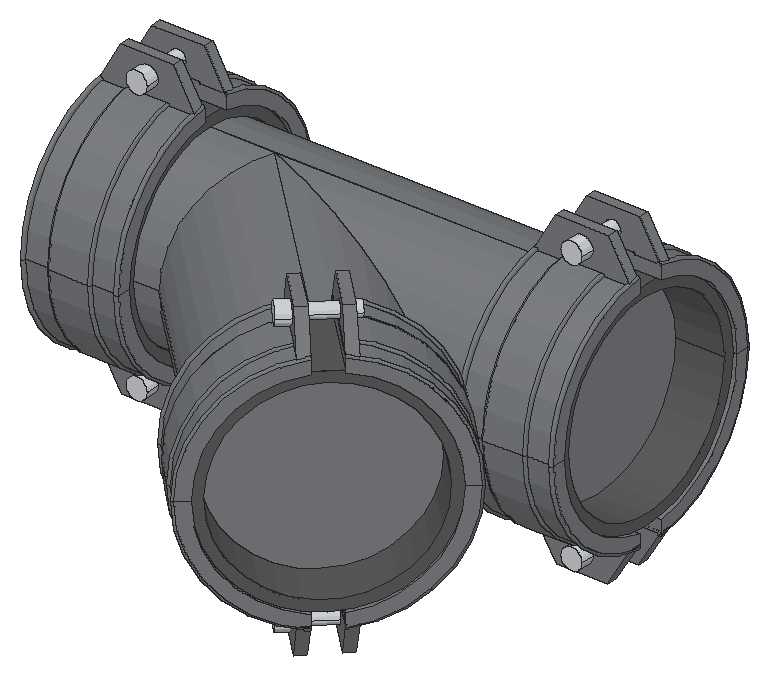
Revit family "PBUK_ED_Single Branch_ED006_DI", category Pipe Fittings, Revit 2024
Family settings
  Round Connector Dimension = Use Diameter
  Part Type = Tee
  OmniClass Number = 23.60.30.11.14
  OmniClass Title = Pipework Fittings
  Work Plane-Based = No
  Always vertical = Yes
  Cut with Voids When Loaded = No
  Shared = No
Parameters (values of type "Standard")
  h [instance] = size_lookup(Lookup Table Name, "h", 0 mm, Nominal Diameter, Branch Nominal Diameter, Angle)  # 185 mm
  Weight [instance] = size_lookup(Lookup Table Name, "Poids", 0.00 kg, Nominal Diameter, Branch Nominal Diameter, Angle)  # 3.757 kg
  WarrantyStartDate [instance] = "Please Record On Commissioning"
  WarrantyGuarantorParts = "technical.uk@pambuilding.com"
  WarrantyGuarantorLabour = "N/A"
  WarrantyDurationUnit = "Years"
  WarrantyDurationParts = "0"
  WarrantyDurationLabour = "0"
  WarrantyDescription = "N/A"
  URL = "www.pambuilding.co.uk"
  Type IFC Predefined Type = "JUNCTION"
  TagNumber [instance] = "Please Record On Commissioning"
  System Fire Rating = "A2-s1, d0"  # constant formula
  Symbol Length [instance] = Nominal Diameter * 0.6  # 60 mm
  Standard = "EN 877"  # constant formula
  Show Coupling 3 [instance] = yes
  Show Coupling 2 [instance] = yes
  Show Coupling 1 [instance] = yes
  SerialNumber [instance] = "Please Record On Commissioning"
  Quality Marks [instance] = "Kitemark KM 51733"  # constant formula
  Product URL = "https://source.thenbs.com/en/product/ensign-drain-below-ground-drainage-system/2q1gEaFhwdmYRUm3yQ7ADk/7WPnyJ2vXj1EjKFYZwQSwU"
  Product Code [instance] = size_lookup(Lookup Table Name, "REF-STD", 0, Nominal Diameter, Branch Nominal Diameter, Angle)  # 191782
  NominalWidth [instance] = Dext principale  # 110 mm
  NominalLength [instance] = H  # 245 mm
  NominalHeight [instance] = h * sin(Angle b) + Dext principale / 2  # 185.815 mm
  Nominal Diameter [instance] = 100 mm
  ModelNumber [instance] = size_lookup(Lookup Table Name, "", "", Nominal Diameter, Branch Nominal Diameter, Angle)  # "ED006"
  Material Fire Rating = "A2-s1, d0"  # constant formula
  Material = "Cast Iron"  # constant formula
  Manufacturer Product Range = "Ensign Drain"  # constant formula
  Lookup Table Name = "ED006_Single Branch - DI"
  Model = ""
  Keynote = "Single Branch"  # constant formula
  built-in parameter 1114238 [instance] = (empty or 0)
  InstallationDate [instance] = "Please Record On Commissioning"
  H [instance] = size_lookup(Lookup Table Name, "H", 0 mm, Nominal Diameter, Branch Nominal Diameter, Angle)  # 245 mm
  L [instance] = if(Angle b < 91.00°, size_lookup(Lookup Table Name, "L", 0 mm, Nominal Diameter, Branch Nominal Diameter, Angle), H - size_lookup(Lookup Table Name, "L", 0 mm, Nominal Diameter, Branch Nominal Diameter, Angle))  # 185 mm
  Manufacturer = "Pam Building UK"  # constant formula
  Export Type to IFC As = "IfcPipeFittingType"
  DurationUnit = "Years"
  Dext principale [instance] = size_lookup(Lookup Table Name, "Dext principale", 0 mm, Nominal Diameter, Branch Nominal Diameter, Angle)  # 110 mm
  Dext antenne [instance] = size_lookup(Lookup Table Name, "Dext antenne", 0 mm, Nominal Diameter, Branch Nominal Diameter, Angle)  # 110 mm
  Description = "Single Branch"  # constant formula
  Default Elevation = 0 mm
  CreatedOn = "2019-12-15T10:00:00"
  CreatedBy = "technical.uk@pambuilding.com"
  Coupling Rotation 3 [instance] = 0.00°
  Coupling Rotation 2 [instance] = 0.00°
  Coupling Rotation 1 [instance] = 0.00°
  Connection Gap 3 [instance] = if(Show Coupling 3, size_lookup(Lookup Table Name, "dnConnectionGap", 0 mm, Nominal Diameter, Branch Nominal Diameter, Angle), 0 mm)  # 4 mm
  Connection Gap 2 [instance] = if(Show Coupling 2, size_lookup(Lookup Table Name, "DNConnectionGap", 0 mm, Nominal Diameter, Branch Nominal Diameter, Angle), 0 mm)  # 4 mm
  Connection Gap 1 [instance] = if(Show Coupling 1, size_lookup(Lookup Table Name, "DNConnectionGap", 0 mm, Nominal Diameter, Branch Nominal Diameter, Angle), 0 mm)  # 4 mm
  ClassificationValue = "Pr_65_52_07_34"
  ClassificationName = "Uniclass2015"
  Branch Nominal Diameter [instance] = 100 mm
  BarCode [instance] = "Please Record On Commissioning"
  AssetType = "Fixed"
  AssetIdentifier [instance] = "Please Record On Commissioning"
  Angle b [instance] = 45.00°
  Angle 2 [instance] = 180.00° - Angle b  # 135.00°
  Angle [instance] = if(Angle b > 90.00°, if(and(Angle 2 > 85.50°, Angle 2 < 90.50°), 88.00°, if(and(Angle 2 > 66.50°, Angle 2 < 71.50°), 69.00°, if(and(Angle 2 > 42.50°, Angle 2 < 47.50°), 45.00°, if(and(Angle 2 > 19.50°, Angle 2 < 24.50°), 22.00°, 0.00°)))), if(and(Angle b > 85.53°, Angle b < 90.50°), 88.00°, if(and(Angle b > 66.50°, Angle b < 71.50°), 69.00°, if(and(Angle b > 42.50°, Angle b < 47.50°), 45.00°, if(and(Angle b > 19.50°, Angle b < 24.50°), 22.00°, 0.00°)))))  # 45.00°
Reference planes
  plane 1 "Centre (avant/arrière)": y = 0
  plane 2: z = 0
  plane 3 "Centre (gauche/droite)": x = 0
  plane 4: x = -60
  plane 5: x = 185
  plane 6: y = 55
  plane 7: y = -55
  plane 8: x = -64
  plane 9: x = 189
Forms (mm)
  Sweep 1, solid, material "PAM Cast iron - Ensign Drain", detail levels fine
    path origin (0, 0, 0) x (1, 0, 0) y (0, 1, 0)
      loop
        line (-60, 0) -> (185, 0)
    profile "Pipeline - Round : Pipeline - Main Part" origin (62.5, 0, 0) x (0, 1, 0) y (0, 0, 1)
      loop
        arc (-55, 0) -> (-38.891, -38.891) -> (0, -55) r 55
        arc (0, -55) -> (38.891, -38.891) -> (55, 0) r 55
        arc (55, 0) -> (38.891, 38.891) -> (0, 55) r 55
        arc (0, 55) -> (-38.891, 38.891) -> (-55, 0) r 55
  Sweep 2, solid, material "PAM Cast iron - Ensign Drain", detail levels fine
    path in 3D
      loop
        line (0, 0, 0) -> (130.815, -130.815, 0)
    profile "Pipeline - Round : Pipeline - Antenna Part" origin (65.407, -65.407, 0) x (0.707107, 0.707107, 0) y (0, 0, 1)
      loop
        arc (-55, 0) -> (-38.891, -38.891) -> (0, -55) r 55
        arc (0, -55) -> (38.891, -38.891) -> (55, 0) r 55
        arc (55, 0) -> (38.891, 38.891) -> (0, 55) r 55
        arc (0, 55) -> (-38.891, 38.891) -> (-55, 0) r 55
  Revolve 3, void
    sketch origin (0, 0, 0) x (1, 0, 0) y (0, 1, 0)
      loop
        line (-60, 0) -> (-60, 55) -> (-545.912, 55) -> (-545.912, 0) -> (-60, 0)
      axis (-60, 0) -> (-545.912, 0)
    angle from 0 to 360
  Extrusion 4, solid, not visible
    sketch origin (130.815, -130.815, 0) x (0, 0, 1) y (-0.707107, -0.707107, 0)
      loop
        line (2, 5) -> (0, 5) -> (0, -5) -> (2, -5) -> (2, 5)
    from -15.67 to 0
  Sweep 5, solid, not visible
    path origin (0, 0, 0) x (1, 0, 0) y (0, 1, 0)
      loop
        line (-64, 0) -> (-68.018, 0)
    profile origin (-66.009, 0, 0) x (0, -1, 0) y (0, 0, 1)
      loop
        circle (0, 0) r 55
  Sweep 6, solid, not visible
    path origin (0, 0, 0) x (1, 0, 0) y (0, 1, 0)
      loop
        line (193.038, 0) -> (189, 0)
    profile origin (191.019, 0, 0) x (0, -1, 0) y (0, 0, 1)
      loop
        circle (0, 0) r 55
  Sweep 7, solid, not visible
    path origin (0, 0, 0) x (1, 0, 0) y (0, 1, 0)
      loop
        line (133.643, -133.643) -> (136.442, -136.442)
    profile origin (135.043, -135.043, 0) x (0.707107, 0.707107, 0) y (0, 0, 1)
      loop
        circle (0, 0) r 55
Cuts and joins
  Revolve 3 cuts Sweep 1
  Revolve 3 cuts Sweep 2
  joined: Sweep 1, Sweep 2
Lines and regions (mm)
  reference lines
    curve 1: line (0, 0, 0) -> (130.815, -130.815, 0)
  sketch lines
    curve 2: line (0, 0, 0) -> (130.815, -130.815, 0)
  model lines, detail levels coarse+medium
    curve 3: line (-64, 0, 0) -> (189, 0, 0)
    curve 4: line (-64, 30, 0) -> (-64, 0, 0)
    curve 5: line (-64, 0, 0) -> (-64, -30, 0)
    curve 6: line (189, 30, 0) -> (189, 0, 0)
    curve 7: line (189, 0, 0) -> (189, -30, 0)
    curve 8: line (0, 0, 0) -> (133.643, -133.643, 0)
    curve 9: line (133.643, -133.643, 0) -> (154.856, -112.43, 0)
    curve 10: line (133.643, -133.643, 0) -> (112.43, -154.856, 0)
Dimensions and locks
  "L": plane 3 "Centre (gauche/droite)" to plane 5
  equal spacing: plane 6, plane 1 "Centre (avant/arrière)", plane 7
  "Dext principale": plane 6 to plane 7
  "H": plane 4 to plane 5
  "h": curve 1 to curve 1
  equal spacing: curve 5, plane 1 "Centre (avant/arrière)", curve 4
  "Symbol Length": curve 4 to curve 5
  equal spacing: curve 7, plane 1 "Centre (avant/arrière)", curve 6
  "Symbol Length": curve 6 to curve 7
  equal spacing: curve 10, curve 8, curve 9
  "Symbol Length": curve 10 to curve 9
  "Connection Gap 1": plane 8 to plane 4
  "Connection Gap 2": plane 5 to plane 9
  locked: Sweep 5 sketch curve to Sweep 5 sketch curve at 4.018
  locked: Sweep 6 sketch curve to Sweep 6 sketch curve at 4.038
  locked: Sweep 7 sketch curve to Sweep 7 sketch curve at 3.959
  "Connection Gap 3": curve 10 to cut or joined group of Sweep 1, Sweep 2, Revolve 3
  "Dext principale": diameter of Sweep 5 sketch curve
  "Dext principale": diameter of Sweep 6 sketch curve
  "Dext antenne": diameter of Sweep 7 sketch curve
  "Angle b": angle curve 1 to plane 1 "Centre (avant/arrière)"
  "Angle b": angle curve 8 to plane 1 "Centre (avant/arrière)"
  locked: curve 8 to curve 10 (angle 90.00°)
  locked: curve 8 to curve 9 (angle 90.00°)
  "Angle b": angle Sweep 7 sketch curve to plane 1 "Centre (avant/arrière)"
  "Angle b": angle nested 5 to plane 1 "Centre (avant/arrière)"
  aligned and locked: level to plane 2
  aligned and locked: plane 4 to Sweep 1 sketch curve
  aligned and locked: plane 1 "Centre (avant/arrière)" to Sweep 1 sketch curve
  aligned and locked: Revolve 3 sketch curve to plane 1 "Centre (avant/arrière)"  (x2)
  aligned and locked: Revolve 3 sketch curve to plane 6
  aligned and locked: Revolve 3 sketch curve to plane 4
  aligned and locked: plane 2 to Extrusion 4 sketch curve
  aligned and locked: Extrusion 4 to curve 1
  aligned and locked: plane 1 "Centre (avant/arrière)" to curve 3
  aligned and locked: plane 3 "Centre (gauche/droite)" to curve 8
  aligned and locked: plane 1 "Centre (avant/arrière)" to curve 8
  aligned and locked: plane 8 to Sweep 5 sketch curve
  aligned and locked: plane 1 "Centre (avant/arrière)" to Sweep 5 sketch curve
  aligned and locked: plane 9 to Sweep 6 sketch curve
  aligned and locked: plane 1 "Centre (avant/arrière)" to Sweep 6 sketch curve
  aligned and locked: curve 4 to plane 8
  aligned and locked: curve 6 to plane 9
  aligned and locked: plane 1 "Centre (avant/arrière)" to nested 1
  aligned and locked: nested 2 to plane 1 "Centre (avant/arrière)"
  aligned and locked: plane 5 to nested 2
  aligned and locked: plane 4 to nested 1
  aligned and locked: curve 9 to Sweep 7 sketch curve
  aligned and locked: curve 1 to Sweep 7 sketch curve
  aligned and locked: curve 1 to nested 5
  aligned and locked: nested 5 to Sweep 7
Automatic sketch dimensions
  Sweep 1 sketch curve to plane 5 = 0 mm
  Revolve 3 sketch curve to plane 4 = 485.912 mm
  Revolve 3 sketch curve to Revolve 3 sketch curve = 1479.088 mm
  plane 5 to Revolve 3 sketch curve = 1310 mm
  Extrusion 4 sketch curve to Extrusion 4 sketch curve = 2 mm
  Extrusion 4 sketch curve to Extrusion 4 sketch curve = 10 mm
  plane 1 "Centre (avant/arrière)" to curve 1 = 0 mm
  curve 1 to plane 3 "Centre (gauche/droite)" = 0 mm
  Sweep 5 sketch curve to level = 0 mm
  Sweep 5 sketch curve to profile plane = 0 mm
  Sweep 6 sketch curve to level = 0 mm
  Sweep 6 sketch curve to profile plane = 0 mm
  Sweep 7 sketch curve to level = 0 mm
  Sweep 7 sketch curve to profile plane = 0 mm
Nested families
  nested 1: "PBUK_Two-Piece Ductile Iron Coupling-Rotated Assembly" at (-60, 0, 0), Visibility <- "Show Coupling 1", visible <- "Show Coupling 1", Nominal Diameter <- "Nominal Diameter", Rotation <- "Coupling Rotation 1", type "Standard"
    with Visibility yes, Rotation 0.00°, Nominal Diameter 100 mm
  nested 2: "PBUK_Two-Piece Ductile Iron Coupling-Rotated Assembly" at (185, 0, 0) x (-1, 0, 0) z (0, 0, 1), Visibility <- "Show Coupling 2", visible <- "Show Coupling 2", Nominal Diameter <- "Nominal Diameter", Rotation <- "Coupling Rotation 2", type "Standard"
    with Visibility yes, Rotation 0.00°, Nominal Diameter 100 mm
  nested 3: "PBUK_ED_Two-Piece Ductile Iron Coupling_ED001" at (-62, 0, 0) x (1, 0, 0) z (0, -1, 0), type "Standard"
    with Width 56 mm, Weight 1.122 kg, WarrantyStartDate "", VisFDoubleBolt 0 mm, VisDoubleBolt 0 mm, VisCSingleBolt 1 mm, VisCDoubleBolt 0 mm, V 16 mm, TagNumber "", SerialNumber "", Product Code 155369, NominalWidth 56 mm, NominalLength 179 mm, NominalHeight 141.5 mm, Nominal Radius 50 mm, Nominal Diameter 100 mm, ModelNumber "ED001", InternalRadius 62 mm, InternalGasketRadius 56 mm, InstallationDate "", I 6 mm, H 22 mm, G 10 mm, F-DoubleBolt no, F 25 mm, ExternalGasketRadius 62 mm, EarRadius 16 mm, DoubleBolt no, ConnectionGap 4 mm, ChamferEdge 67.5 mm, C-SingleBolt yes, C-DoubleBolt no, C 8.75 mm, BoltLength 40 mm, BarCode "", B 2.5 mm, AssetIdentifier "", A 7.5 mm, 2BoltLocation 10 mm
  nested 4: "PBUK_ED_Two-Piece Ductile Iron Coupling_ED001" at (187, 0, 0) x (-1, 0, 0) z (0, -1, 0), type "Standard"
    with Width 56 mm, Weight 1.122 kg, WarrantyStartDate "", VisFDoubleBolt 0 mm, VisDoubleBolt 0 mm, VisCSingleBolt 1 mm, VisCDoubleBolt 0 mm, V 16 mm, TagNumber "", SerialNumber "", Product Code 155369, NominalWidth 56 mm, NominalLength 179 mm, NominalHeight 141.5 mm, Nominal Radius 50 mm, Nominal Diameter 100 mm, ModelNumber "ED001", InternalRadius 62 mm, InternalGasketRadius 56 mm, InstallationDate "", I 6 mm, H 22 mm, G 10 mm, F-DoubleBolt no, F 25 mm, ExternalGasketRadius 62 mm, EarRadius 16 mm, DoubleBolt no, ConnectionGap 4 mm, ChamferEdge 67.5 mm, C-SingleBolt yes, C-DoubleBolt no, C 8.75 mm, BoltLength 40 mm, BarCode "", B 2.5 mm, AssetIdentifier "", A 7.5 mm, 2BoltLocation 10 mm
  nested 5: "PBUK_Two-Piece Ductile Iron Coupling-Rotated Assembly" at (133.643, -133.643, 0) x (0.7071, -0.7071, 0) z (0, 0, 1), Visibility <- "Show Coupling 3", visible <- "Show Coupling 3", Nominal Diameter <- "Branch Nominal Diameter", Rotation <- "Coupling Rotation 3", type "Standard"
    with Visibility yes, Rotation 0.00°, Nominal Diameter 100 mm
  nested 6: "PBUK_ED_Two-Piece Ductile Iron Coupling_ED001" at (132.229, -132.229, 0) x (0.7071, -0.7071, 0) z (-0.7071, -0.7071, 0), type "Standard"
    with Width 56 mm, Weight 1.122 kg, WarrantyStartDate "", VisFDoubleBolt 0 mm, VisDoubleBolt 0 mm, VisCSingleBolt 1 mm, VisCDoubleBolt 0 mm, V 16 mm, TagNumber "", SerialNumber "", Product Code 155369, NominalWidth 56 mm, NominalLength 179 mm, NominalHeight 141.5 mm, Nominal Radius 50 mm, Nominal Diameter 100 mm, ModelNumber "ED001", InternalRadius 62 mm, InternalGasketRadius 56 mm, InstallationDate "", I 6 mm, H 22 mm, G 10 mm, F-DoubleBolt no, F 25 mm, ExternalGasketRadius 62 mm, EarRadius 16 mm, DoubleBolt no, ConnectionGap 4 mm, ChamferEdge 67.5 mm, C-SingleBolt yes, C-DoubleBolt no, C 8.75 mm, BoltLength 40 mm, BarCode "", B 2.5 mm, AssetIdentifier "", A 7.5 mm, 2BoltLocation 10 mm
Connectors
  piping at (189, 0, 0), diameter 100, driven by "Nominal Diameter"
    settings: on Sweep 6, index 5, connector inside diameter 609.6 mm, connector length 0 mm, flow factor 0, pipe flow 0.0 L/s, pressure drop 0.0 Pa, fitting loss kfactor 0, connector angle 0.00°, fixture units 0, engagement length 0 mm, angle of deflection 0.00°, flow configuration 0, flow direction 0, fitting loss method 0, system type 28, joint type 0, gender type 0, connector reference index 6, connector utility 0, adjustable connector no, is connector primary no, connector description ""
  piping at (-64, 0, 0), diameter 100, driven by "Nominal Diameter"
    settings: on Sweep 5, index 6, connector inside diameter 609.6 mm, connector length 0 mm, flow factor 0, pipe flow 0.0 L/s, pressure drop 0.0 Pa, fitting loss kfactor 0, connector angle 0.00°, fixture units 0, engagement length 0 mm, angle of deflection 0.00°, flow configuration 0, flow direction 0, fitting loss method 0, system type 28, joint type 0, gender type 0, connector reference index 5, connector utility 0, adjustable connector no, is connector primary yes, connector description ""
  piping at (133.643, -133.643, 0), diameter 100, driven by "Angle b", driven by "Branch Nominal Diameter"
    settings: on Sweep 7, index 7, connector inside diameter 609.6 mm, connector length 0 mm, flow factor 0, pipe flow 0.0 L/s, pressure drop 0.0 Pa, fitting loss kfactor 0, connector angle 45.00°, fixture units 0, engagement length 0 mm, angle of deflection 0.00°, flow configuration 0, flow direction 0, fitting loss method 0, system type 28, joint type 0, gender type 0, connector reference index -1, connector utility 0, adjustable connector no, is connector primary no, connector description ""
Definition of nested family "PBUK_ED_Two-Piece Ductile Iron Coupling_ED001"
  Parameters (values of type "Standard")
    Width [instance] = size_lookup(Lookup Table Name, "Width", 0 mm, Nominal Diameter)  # 75 mm
    Weight [instance] = size_lookup(Lookup Table Name, "Weight", 0.00 kg, Nominal Diameter)  # 1.778 kg
    WarrantyStartDate [instance] = "Please Record On Commissioning"
    WarrantyGuarantorParts = "technical.uk@pambuilding.com"
    WarrantyGuarantorLabour = "N/A"
    WarrantyDurationUnit = "Years"
    WarrantyDurationParts = "0"
    WarrantyDurationLabour = "0"
    WarrantyDescription = "N/A"
    VisFDoubleBolt [instance] = if(Nominal Diameter > 151 mm, 1 mm, 0 mm)  # 0 mm
    VisDoubleBolt [instance] = if(Nominal Diameter > 149 mm, 1 mm, 0 mm)  # 1 mm
    VisCSingleBolt [instance] = if(Nominal Diameter < 149 mm, 1 mm, 0 mm)  # 0 mm
    VisCDoubleBolt [instance] = if(Nominal Diameter = 150 mm, 1 mm, 0 mm)  # 1 mm
    V [instance] = size_lookup(Lookup Table Name, "V", 0 mm, Nominal Diameter)  # 8 mm
    URL = "www.pambuilding.co.uk"
    Type IFC Predefined Type = "TRANSITION"
    TagNumber [instance] = "Please Record On Commissioning"
    System Fire Rating = "A2-s1, d0"  # constant formula
    Standard = "EN 877"  # constant formula
    SerialNumber [instance] = "Please Record On Commissioning"
    Quality Marks = "Kitemark KM 51733"  # constant formula
    Product URL = "https://source.thenbs.com/en/product/ensign-drain-below-ground-drainage-system/2q1gEaFhwdmYRUm3yQ7ADk/7WPnyJ2vXj1EjKFYZwQSwU"
    Product Code [instance] = size_lookup(Lookup Table Name, "REF-STD", 0, Nominal Diameter)  # 155433
    Pressure Rating = "1 bar (Unrestrained) 5 bar (Restrained) "  # constant formula
    NominalWidth [instance] = Width  # 75 mm
    NominalLength [instance] = (ChamferEdge + H) * 2  # 221 mm
    NominalHeight [instance] = ((ExternalGasketRadius + C) * 2)  # 184 mm
    Nominal Radius [instance] = Nominal Diameter / 2  # 75 mm
    Nominal Diameter [instance] = 150 mm
    ModelNumber [instance] = size_lookup(Lookup Table Name, "", "N/A", Nominal Diameter)  # "ED001"
    Model = "ED001"  # constant formula
    Material Fire Rating = "A2-s1, d0"  # constant formula
    Material = "Ductile Iron"  # constant formula
    Manufacturer Product Range = "Ensign Drain"  # constant formula
    Manufacturer = "Pam Building UK"  # constant formula
    Lookup Table Name = "ED001_Two Piece Iron Coupling Union"
    Keynote = "Coupling"  # constant formula
    InternalRadius [instance] = size_lookup(Lookup Table Name, "InternalRadius", 0 mm, Nominal Diameter)  # 85.5 mm
    InternalGasketRadius [instance] = size_lookup(Lookup Table Name, "InternalGasketRadius", 0 mm, Nominal Diameter)  # 81 mm
    InstallationDate [instance] = "Please Record On Commissioning"
    I [instance] = size_lookup(Lookup Table Name, "I", 0 mm, Nominal Diameter)  # 8 mm
    H [instance] = size_lookup(Lookup Table Name, "H", 0 mm, Nominal Diameter)  # 22 mm
    Gasket Material = "EPDM Rubber EN 681"  # constant formula
    G [instance] = size_lookup(Lookup Table Name, "G", 0 mm, Nominal Diameter)  # 48.4 mm
    F-DoubleBolt [instance] = VisFDoubleBolt = 1 mm  # no
    F [instance] = size_lookup(Lookup Table Name, "F", 0 mm, Nominal Diameter)  # 48.4 mm
    ExternalGasketRadius [instance] = InternalRadius  # 85.5 mm
    Export Type to IFC As = "IfcPipeFittingType"
    EarRadius [instance] = 16 mm  # constant formula
    DurationUnit = "Years"
    DoubleBolt [instance] = VisDoubleBolt = 1 mm  # yes
    Description = "Two Piece Ductile Iron Coupling"  # constant formula
    Default Elevation = 0 mm
    CreatedOn = "2019-12-15T10:00:00"
    CreatedBy = "technical.uk@pambuilding.com"
    ConnectionGap [instance] = size_lookup(Lookup Table Name, "ConnectionGap", 0 mm, Nominal Diameter)  # 4 mm
    Colour = "Ensign Grey"  # constant formula
    ClassificationValue = "Pr_65_52_07_34"
    ClassificationName = "Uniclass2015"
    ChamferEdge [instance] = InternalRadius + A - 2 mm  # 88.5 mm
    C-SingleBolt [instance] = VisCSingleBolt = 1 mm  # no
    C-DoubleBolt [instance] = VisCDoubleBolt = 1 mm  # yes
    C [instance] = A + (B / 2)  # 6.5 mm
    BoltLength [instance] = size_lookup(Lookup Table Name, "BoltLength", 0 mm, Nominal Diameter)  # 40 mm
    BarCode [instance] = "Please Record On Commissioning"
    B [instance] = size_lookup(Lookup Table Name, "B", 0 mm, Nominal Diameter)  # 3 mm
    AssetType = "Fixed"
    AssetIdentifier [instance] = "Please Record On Commissioning"
    A [instance] = size_lookup(Lookup Table Name, "A", 0 mm, Nominal Diameter)  # 5 mm
    2BoltLocation [instance] = size_lookup(Lookup Table Name, "2BoltLocation", 0 mm, Nominal Diameter)  # 48.4 mm
  Reference planes
    plane 1 "Center (Front/Back)": y = 0
    plane 2: z = 0
    plane 3 "Center (Left/Right)": x = 0
    plane 4: z = 85.5
    plane 5: x = -37.5
    plane 6: x = 37.5
    plane 7: z = 90.5
    plane 8: x = -34.5
    plane 9: x = 34.5
    plane 10 "External ML1": x = -12.5
    plane 11 "External ML2": x = 12.5
    plane 12: z = 92
    plane 13: z = 4
    plane 14: z = -4
    plane 15: y = 110.5
    plane 16: z = 12
    plane 17: z = -12
    plane 18: x = -24.2
    plane 19: x = 24.2
    plane 20: y = 88.5
    plane 21: y = -88.5
    plane 22: y = -110.5
    plane 23: y = 99.5
    plane 24: y = -99.5
    plane 25 "External ML4": x = 29.5
    plane 26 "External ML3": x = -29.5
    plane 27: x = -24.2
    plane 28: x = 24.2
    plane 29: y = 97.675
    plane 30: y = -97.675
    plane 31: y = 97.7
    plane 32: y = -97.7
    plane 33 "Connection 1": x = 2
    plane 34 "Connection 2": x = -2
    plane 35: z = -20.5
    plane 36: z = 19.5
  Forms (mm)
    Revolve 1, solid, detail levels fine
      sketch origin (0, 0, 0) x (1, 0, 0) y (0, 0, 1)
        loop
          line (-37.5, 85.5) -> (37.5, 85.5) -> (37.5, 90.5)
          arc (37.5, 90.5) -> (36, 92) -> (34.5, 90.5) r 1.5
          line (34.5, 90.5) -> (12.5, 90.5)
          arc (12.5, 90.5) -> (12.061, 91.561) -> (11, 92) r 1.5
          line (11, 92) -> (-11, 92)
          arc (-11, 92) -> (-12.061, 91.561) -> (-12.5, 90.5) r 1.5
          line (-12.5, 90.5) -> (-34.5, 90.5)
          arc (-34.5, 90.5) -> (-36, 92) -> (-37.5, 90.5) r 1.5
          line (-37.5, 90.5) -> (-37.5, 85.5)
        axis (-37.5, 0) -> (37.5, 0)
      angle from 0 to 360
    Extrusion 2, void, detail levels fine
      sketch origin (-12.5, 0, 0) x (0, 0, 1) y (0, -1, 0)
        loop
          line (4, -110.5) -> (4, 110.5) -> (-4, 110.5) -> (-4, -110.5) -> (4, -110.5)
      from -25 to 50
    Extrusion 3, solid, visible <- "C-SingleBolt", detail levels fine
      sketch origin (0, 0, 0) x (1, 0, 0) y (0, 1, 0)
        loop
          line (-37.5, -88.5) -> (-14.718, -110.5) -> (14.718, -110.5) -> (37.5, -88.5) -> (-37.5, -88.5)
        loop
          circle (0, -99.5) r 4.5
      from -12 to 12
    Extrusion 4, solid, visible <- "C-SingleBolt", detail levels fine
      sketch origin (0, 0, 0) x (1, 0, 0) y (0, 1, 0)
        loop
          line (-37.42, 88.5) -> (37.381, 88.5) -> (24.679, 110.5) -> (-24.718, 110.5) -> (-37.42, 88.5)
        loop
          circle (0, 99.5) r 4.5
      from -12 to 12
    Extrusion 5, solid, detail levels fine
      sketch origin (-12.5, 0, 0) x (0, 0, 1) y (0, -1, 0)
        loop
          circle (0, 0) r 85.5
        loop
          circle (0, 0) r 81
      from -22 to 47
    Extrusion 6, solid, visible <- "C-DoubleBolt", detail levels fine
      sketch origin (0, 0, 0) x (1, 0, 0) y (0, 1, 0)
        loop
          line (-37.5, -88.5) -> (-37.5, -97.7) -> (-24.7, -110.5) -> (24.7, -110.5) -> (37.5, -97.7) -> (37.5, -88.5) -> (-37.5, -88.5)
        loop
          circle (24.2, -97.7) r 4.5
        loop
          circle (-24.2, -97.7) r 4.5
      from -12 to 12
    Extrusion 7, solid, visible <- "C-DoubleBolt", detail levels fine
      sketch origin (0, 0, 0) x (1, 0, 0) y (0, 1, 0)
        loop
          line (-37.5, 88.5) -> (37.5, 88.5) -> (37.5, 97.7) -> (24.7, 110.5) -> (-24.7, 110.5) -> (-37.5, 97.7) -> (-37.5, 88.5)
        loop
          circle (24.2, 97.7) r 4.5
        loop
          circle (-24.2, 97.7) r 4.5
      from -12 to 12
    Extrusion 8, solid, visible <- "F-DoubleBolt", detail levels fine
      sketch origin (0, 86.75, 0) x (1, 0, 0) y (0, 1, 0)
        loop
          line (37.5, 1.75) -> (37.5, 7.75)
          arc (37.5, 7.75) -> (32.814, 19.064) -> (21.5, 23.75) r 16
          line (21.5, 23.75) -> (-21.5, 23.75)
          arc (-21.5, 23.75) -> (-32.814, 19.064) -> (-37.5, 7.75) r 16
          line (-37.5, 7.75) -> (-37.5, 1.75) -> (37.5, 1.75)
        loop
          line (37.5, -175.25) -> (-37.5, -175.25) -> (-37.5, -181.25)
          arc (-37.5, -181.25) -> (-32.814, -192.564) -> (-21.5, -197.25) r 16
          line (-21.5, -197.25) -> (21.5, -197.25)
          arc (21.5, -197.25) -> (32.814, -192.564) -> (37.5, -181.25) r 16
          line (37.5, -181.25) -> (37.5, -175.25)
        loop
          circle (24.2, 10.95) r 4.5
        loop
          circle (-24.2, 10.95) r 4.5
        loop
          circle (24.2, -184.45) r 4.5
        loop
          circle (-24.2, -184.45) r 4.5
      from -12 to 12
    Extrusion 9, solid, visible <- "C-SingleBolt", detail levels fine
      sketch origin (0, 0, 0) x (1, 0, 0) y (0, 1, 0)
        loop
          circle (0, 99.5) r 4
      from -20.5 to 12
    Extrusion 10, solid, visible <- "C-SingleBolt", detail levels fine
      sketch origin (0, 0, 0) x (1, 0, 0) y (0, 1, 0)
        loop
          circle (0, -99.5) r 4
      from -20.5 to 12
    Extrusion 11, solid, visible <- "DoubleBolt", detail levels fine
      sketch origin (-18.275, 2.244, 0) x (1, 0, 0) y (0, 1, 0)
        loop
          circle (-5.925, 95.456) r 4
      from -20.5 to 12
    Extrusion 12, solid, visible <- "DoubleBolt", detail levels fine
      sketch origin (19.176, 2.244, 0) x (1, 0, 0) y (0, 1, 0)
        loop
          circle (5.024, 95.456) r 4
      from -20.5 to 12
    Extrusion 13, solid, visible <- "DoubleBolt", detail levels fine
      sketch origin (-18.275, -366.656, 0) x (1, 0, 0) y (0, 1, 0)
        loop
          circle (-5.925, 268.956) r 4
      from -20.5 to 12
    Extrusion 14, solid, visible <- "DoubleBolt", detail levels fine
      sketch origin (19.176, -366.656, 0) x (1, 0, 0) y (0, 1, 0)
        loop
          circle (5.024, 268.956) r 4
      from -20.5 to 12
    Extrusion 15, solid, visible <- "C-SingleBolt", detail levels fine
      sketch origin (12.5, 1.8, 0) x (1, 0, 0) y (0, 1, 0)
        loop
          circle (-12.5, 97.7) r 6
        loop
          circle (-12.5, -101.3) r 6
      from 12 to 19.5
    Extrusion 16, solid, visible <- "DoubleBolt", detail levels fine
      sketch origin (48.244, 8.933, 0) x (1, 0, 0) y (0, 1, 0)
        loop
          circle (-24.044, 88.767) r 6
        loop
          circle (-24.044, -106.633) r 6
      from 12 to 19.5
    Extrusion 17, solid, visible <- "DoubleBolt", detail levels fine
      sketch origin (-36.756, 8.933, 0) x (1, 0, 0) y (0, 1, 0)
        loop
          circle (12.556, 88.767) r 6
        loop
          circle (12.556, -106.633) r 6
      from 12 to 19.5
  Cuts and joins
    Extrusion 2 cuts Extrusion 4
    Extrusion 2 cuts Revolve 1
    Extrusion 2 cuts Extrusion 3
    Extrusion 2 cuts Extrusion 7
    Extrusion 2 cuts Extrusion 6
    Extrusion 2 cuts Extrusion 8
  Lines and regions (mm)
    reference lines
      curve 1: line (-37.5, 88.361, 0) -> (-20, 118.673, 0)
      curve 2: line (37.5, 88.294, 0) -> (20, 118.605, 0)
      curve 3: line (39.455, -86.478, 0) -> (25.987, -111.767, 0)
      curve 4: line (-37.501, -86.539, 0) -> (-25, -110.012, 0)
      curve 9: line (37.5, -97.7, 0) -> (25, -119.351, 0)
      curve 10: line (-37.5, -97.7, 0) -> (-25, -119.351, 0)
      curve 11: line (37.5, 97.7, 0) -> (21.643, 125.166, 0)
      curve 12: line (-37.5, 97.7, 0) -> (-21.643, 125.166, 0)
      curve 13: line (0, 160.5, 0) -> (0, -163.9, 0)
    model lines, detail levels fine
      curve 5: circle (-12.5, 0, 0) r 81 normal (1, 0, 0)
      curve 6: circle (12.5, 0, 0) r 81 normal (1, 0, 0)
      curve 7: circle (-29.5, 0, 0) r 81 normal (1, 0, 0)
      curve 8: circle (29.5, 0, 0) r 81 normal (1, 0, 0)
  Dimensions and locks
    "InternalRadius": plane 4 to plane 2
    "Width": plane 5 to plane 6
    equal spacing: plane 5, plane 3 "Center (Left/Right)", plane 6
    "A": plane 7 to plane 4
    "B": plane 6 to plane 9
    "B": plane 5 to plane 8
    equal spacing: plane 11 "External ML2", plane 3 "Center (Left/Right)", plane 10 "External ML1"
    plane 11 "External ML2" to plane 10 "External ML1" = 25 mm
    "C": plane 12 to plane 4
    equal spacing: plane 13, level, plane 14
    "V": plane 13 to plane 14
    "I": plane 14 to plane 17
    "I": plane 16 to plane 13
    equal spacing: plane 18, plane 3 "Center (Left/Right)", plane 19
    "G": plane 18 to plane 19
    "ChamferEdge": plane 1 "Center (Front/Back)" to plane 20
    "H": plane 15 to plane 20
    "ChamferEdge": plane 21 to plane 1 "Center (Front/Back)"
    "H": plane 21 to plane 22
    equal spacing: plane 15, plane 23, plane 20
    equal spacing: plane 21, plane 24, plane 22
    locked: plane 8 to plane 26 "External ML3" at 5
    locked: plane 25 "External ML4" to plane 9 at 5
    equal spacing: plane 27, plane 3 "Center (Left/Right)", plane 28
    "F": plane 27 to plane 28
    locked: plane 31 to plane 20 at 9.2
    locked: plane 21 to plane 32 at 9.2
    equal spacing: plane 34 "Connection 2", plane 3 "Center (Left/Right)", plane 33 "Connection 1"
    "ConnectionGap": plane 34 "Connection 2" to plane 33 "Connection 1"
    locked: plane 16 to plane 36 at 7.5
    "BoltLength": plane 35 to plane 36
    plane 25 "External ML4" to plane 19 to plane 11 "External ML2" = 5.3 mm, 11.7 mm
    plane 10 "External ML1" to plane 18 to plane 26 "External ML3" = 11.7 mm, 5.3 mm
    "ExternalGasketRadius": radius of Extrusion 5 sketch curve
    "InternalGasketRadius": radius of Extrusion 5 sketch curve
    "InternalGasketRadius": radius of curve 5
    "InternalGasketRadius": radius of curve 6
    "InternalGasketRadius": radius of curve 7
    "InternalGasketRadius": radius of curve 8
    "EarRadius": radius of Extrusion 8 sketch curve  (x4)
    angle curve 1 to plane 5 = 30.00°
    angle plane 6 to curve 2 = 30.00°
    angle curve 3 to plane 6 = 28.0382°
    angle plane 5 to curve 4 = 28.0384°
    angle plane 5 to curve 10 = 30.00°
    angle curve 9 to plane 6 = 30.00°
    angle plane 6 to curve 11 = 30.00°
    angle curve 12 to plane 5 = 30.00°
    aligned and locked: level to plane 2
    aligned and locked: Revolve 1 sketch curve to plane 5
    aligned and locked: Revolve 1 sketch curve to plane 4
    aligned and locked: Revolve 1 sketch curve to plane 6
    aligned and locked: Revolve 1 sketch curve to plane 7
    aligned and locked: Revolve 1 sketch curve to plane 12
    aligned and locked: plane 13 to Extrusion 2 sketch curve
    aligned and locked: plane 14 to Extrusion 2 sketch curve
    aligned and locked: plane 5 to Extrusion 2
    aligned and locked: Extrusion 2 to plane 6
    aligned and locked: plane 5 to curve 1
    aligned and locked: plane 6 to curve 2
    aligned and locked: Extrusion 3 sketch curve to plane 21
    aligned and locked: Extrusion 3 sketch curve to plane 22
    aligned and locked: Extrusion 3 to plane 17
    aligned and locked: plane 16 to Extrusion 3
    aligned and locked: Extrusion 2 sketch curve to plane 22
    aligned and locked: Extrusion 4 sketch curve to plane 20
    aligned and locked: curve 2 to Extrusion 4 sketch curve
    aligned and locked: curve 1 to Extrusion 4 sketch curve
    aligned and locked: Extrusion 4 sketch curve to plane 15
    aligned and locked: cut or joined group of Extrusion 2, Extrusion 4 to plane 17
    aligned and locked: plane 16 to cut or joined group of Extrusion 2, Extrusion 4
    aligned and locked: plane 8 to Extrusion 5
    aligned and locked: plane 9 to Extrusion 5
    aligned and locked: plane 32 to curve 10
    aligned and locked: plane 32 to curve 9
    aligned and locked: plane 6 to curve 9
    aligned and locked: plane 5 to curve 10
    aligned and locked: Extrusion 6 sketch curve to plane 21
    aligned and locked: Extrusion 6 sketch curve to plane 6
    aligned and locked: Extrusion 6 sketch curve to plane 22
    aligned and locked: Extrusion 6 sketch curve to plane 5
    aligned and locked: Extrusion 6 to plane 17
    aligned and locked: plane 16 to Extrusion 6
    aligned and locked: plane 6 to curve 11
    aligned and locked: plane 31 to curve 11
    aligned and locked: plane 5 to curve 12
    aligned and locked: plane 31 to curve 12
    aligned and locked: Extrusion 7 sketch curve to plane 15
    aligned and locked: plane 6 to Extrusion 7 sketch curve
    aligned and locked: Extrusion 7 sketch curve to plane 20
    aligned and locked: plane 5 to Extrusion 7 sketch curve
    aligned and locked: plane 16 to Extrusion 7
    aligned and locked: Extrusion 7 to plane 17
    aligned and locked: Extrusion 8 sketch curve to cut or joined group of Extrusion 2, Extrusion 7
    aligned and locked: Extrusion 8 sketch curve to plane 15
    aligned and locked: Extrusion 8 sketch curve to plane 5
    aligned and locked: plane 20 to Extrusion 8 sketch curve
    aligned and locked: cut or joined group of Extrusion 2, Extrusion 6 to Extrusion 8 sketch curve
    aligned and locked: Extrusion 8 sketch curve to plane 22
    aligned and locked: plane 5 to Extrusion 8 sketch curve
    aligned and locked: plane 21 to Extrusion 8 sketch curve
    aligned and locked: Extrusion 8 to plane 17
    aligned and locked: plane 16 to Extrusion 8
    aligned and locked: plane 19 to Extrusion 8 sketch curve  (x2)
    aligned and locked: plane 31 to Extrusion 8 sketch curve  (x2)
    aligned and locked: plane 18 to Extrusion 8 sketch curve  (x2)
    aligned and locked: plane 32 to Extrusion 8 sketch curve  (x2)
    aligned and locked: plane 35 to Extrusion 9
    aligned and locked: plane 16 to Extrusion 9
    aligned and locked: Extrusion 9 to Extrusion 10
    aligned and locked: plane 16 to Extrusion 10
    aligned and locked: plane 18 to Extrusion 11 sketch curve
    aligned and locked: plane 31 to Extrusion 11 sketch curve
    aligned and locked: plane 19 to Extrusion 12 sketch curve
    aligned and locked: plane 31 to Extrusion 12 sketch curve
    aligned and locked: plane 32 to Extrusion 13 sketch curve
    aligned and locked: plane 18 to Extrusion 13 sketch curve
    aligned and locked: plane 19 to Extrusion 14 sketch curve
    aligned and locked: plane 32 to Extrusion 14 sketch curve
    aligned and locked: plane 35 to Extrusion 11
    aligned and locked: plane 35 to Extrusion 12
    aligned and locked: plane 35 to Extrusion 13
    aligned and locked: plane 35 to Extrusion 14
    aligned and locked: plane 16 to Extrusion 13
    aligned and locked: plane 16 to Extrusion 14
    aligned and locked: plane 16 to Extrusion 11
    aligned and locked: plane 16 to Extrusion 12
    aligned and locked: plane 3 "Center (Left/Right)" to Extrusion 15 sketch curve  (x2)
    aligned and locked: plane 23 to Extrusion 15 sketch curve
    aligned and locked: Extrusion 15 to plane 16
    aligned and locked: Extrusion 15 to plane 36
    aligned and locked: plane 24 to Extrusion 15 sketch curve
    aligned and locked: plane 19 to Extrusion 16 sketch curve  (x2)
    aligned and locked: plane 31 to Extrusion 16 sketch curve
    aligned and locked: plane 32 to Extrusion 16 sketch curve
    aligned and locked: plane 16 to Extrusion 16
    aligned and locked: Extrusion 16 to plane 36
    aligned and locked: plane 31 to Extrusion 17 sketch curve
    aligned and locked: plane 32 to Extrusion 17 sketch curve
    aligned and locked: Extrusion 17 to plane 16
    aligned and locked: Extrusion 17 to plane 36
    aligned and locked: Extrusion 3 sketch curve to cut or joined group of Extrusion 2, Extrusion 8
    aligned and locked: plane 21 to cut or joined group of Extrusion 2, Extrusion 8
    aligned and locked: plane 18 to Extrusion 17 sketch curve  (x2)
    aligned and locked: plane 18 to Extrusion 6 sketch curve
    aligned and locked: plane 19 to Extrusion 6 sketch curve
    aligned and locked: plane 18 to Extrusion 7 sketch curve
    aligned and locked: plane 19 to Extrusion 7 sketch curve
    aligned and locked: curve 13 to level
  Automatic sketch dimensions
    Extrusion 2 sketch curve to plane 15 = 0 mm
    Extrusion 4 sketch curve to plane 3 "Center (Left/Right)" = 0 mm
    Extrusion 4 sketch curve to plane 23 = 0 mm
    Extrusion 9 sketch curve to plane 3 "Center (Left/Right)" = 0 mm
    Extrusion 9 sketch curve to plane 23 = 0 mm
    Extrusion 10 sketch curve to plane 3 "Center (Left/Right)" = 0 mm
    Extrusion 10 sketch curve to plane 24 = 0 mm
    curve 3 to plane 22 = 1.267 mm
    curve 3 to plane 25 "External ML4" = 3.513 mm
    plane 22 to curve 4 = 0.488 mm
    curve 2 to plane 20 = 0.206 mm
    curve 1 to plane 20 = 0.139 mm
    plane 5 to curve 4 = 0.001 mm
    Revolve 1 sketch curve to level = 0 mm
    plane 8 to Revolve 1 sketch curve = 0 mm
    plane 10 "External ML1" to Revolve 1 sketch curve = 0 mm
    Revolve 1 sketch curve to plane 7 = 0 mm
    plane 11 "External ML2" to Revolve 1 sketch curve = 0 mm
    plane 9 to Revolve 1 sketch curve = 0 mm
    plane 6 to Revolve 1 sketch curve = 0 mm
    plane 5 to Revolve 1 sketch curve = 15 mm
    Extrusion 3 sketch curve to plane 3 "Center (Left/Right)" = 0 mm
    Extrusion 3 sketch curve to plane 6 = 0 mm
    Extrusion 3 sketch curve to plane 24 = 0 mm
    Extrusion 3 sketch curve to plane 10 "External ML1" = 2.218 mm
    plane 11 "External ML2" to Extrusion 3 sketch curve = 2.218 mm
    curve 13 to plane 22 = 53.4 mm
    plane 15 to curve 13 = 50 mm
    plane 32 to Extrusion 6 sketch curve = 0 mm  (x4)
    plane 18 to Extrusion 6 sketch curve = 0.5 mm
    Extrusion 6 sketch curve to plane 19 = 0.5 mm
    Extrusion 7 sketch curve to plane 31 = 0 mm  (x4)
    plane 19 to Extrusion 7 sketch curve = 0.5 mm
    Extrusion 7 sketch curve to plane 18 = 0.5 mm
    curve 5 to level = 0 mm
    curve 5 to plane 1 "Center (Front/Back)" = 0 mm
    curve 6 to level = 0 mm
    curve 6 to plane 1 "Center (Front/Back)" = 0 mm
    Extrusion 5 sketch curve to Extrusion 5 sketch curve = 0 mm  (x2)
    Extrusion 5 sketch curve to level = 0 mm
    Extrusion 5 sketch curve to plane 1 "Center (Front/Back)" = 0 mm
    curve 7 to level = 0 mm
    curve 7 to plane 1 "Center (Front/Back)" = 0 mm
    curve 8 to level = 0 mm
    curve 8 to plane 1 "Center (Front/Back)" = 0 mm
    radius of Extrusion 4 sketch curve = 4.5 mm
    radius of Extrusion 9 sketch curve = 4 mm
    radius of Extrusion 10 sketch curve = 4 mm
    radius of Extrusion 11 sketch curve = 4 mm
    radius of Extrusion 12 sketch curve = 4 mm
    radius of Extrusion 13 sketch curve = 4 mm
    radius of Extrusion 14 sketch curve = 4 mm
    radius of Extrusion 15 sketch curve = 6 mm  (x2)
    radius of Extrusion 16 sketch curve = 6 mm  (x2)
    radius of Extrusion 17 sketch curve = 6 mm  (x2)
    radius of Extrusion 3 sketch curve = 4.5 mm
    radius of Extrusion 6 sketch curve = 4.5 mm  (x2)
    radius of Extrusion 7 sketch curve = 4.5 mm  (x2)
    radius of Extrusion 8 sketch curve = 4.5 mm  (x4)
Definition of nested family "PBUK_Two-Piece Ductile Iron Coupling-Rotated Assembly"
  Parameters (values of type "Standard")
    Visibility [instance] = yes
    Rotation [instance] = 90.00°
    Nominal Diameter [instance] = 100 mm
    Default Elevation = 1219.2 mm
  Reference planes
    plane 1 "Center (Front/Back)": y = 0
    plane 2: z = 0
    plane 3 "Center (Left/Right)": x = 0
  Forms (mm)
    Extrusion 1, solid
      sketch origin (0, 0, 0) x (1, 0, 0) y (0, 1, 0)
        loop
          line (-1219.2, 1219.2) -> (-1219.2, -1219.2) -> (1219.2, -1219.2) -> (1219.2, 1219.2) -> (-1219.2, 1219.2)
      from 0 to -304.8
  Dimensions and locks
    "Rotation": angle level to nested 1
    aligned and locked: plane 2 to Extrusion 1
    aligned and locked: level to Extrusion 1
    aligned and locked: plane 3 "Center (Left/Right)" to nested 1
  Automatic sketch dimensions
    Extrusion 1 sketch curve to Extrusion 1 sketch curve = 2438.4 mm  (x2)
  Nested families
    nested 1: "PBUK_ED_Two-Piece Ductile Iron Coupling_ED001" at (-2, 0, 0), Nominal Diameter <- "Nominal Diameter", visible <- "Visibility", type "Standard"
      with Width 56 mm, Weight 1.122 kg, WarrantyStartDate "", VisFDoubleBolt 0 mm, VisDoubleBolt 0 mm, VisCSingleBolt 1 mm, VisCDoubleBolt 0 mm, V 16 mm, TagNumber "", SerialNumber "", Product Code 155369, NominalWidth 56 mm, NominalLength 179 mm, NominalHeight 141.5 mm, Nominal Radius 50 mm, Nominal Diameter 100 mm, ModelNumber "ED001", InternalRadius 62 mm, InternalGasketRadius 56 mm, InstallationDate "", I 6 mm, H 22 mm, G 10 mm, F-DoubleBolt no, F 25 mm, ExternalGasketRadius 62 mm, EarRadius 16 mm, DoubleBolt no, ConnectionGap 4 mm, ChamferEdge 67.5 mm, C-SingleBolt yes, C-DoubleBolt no, C 8.75 mm, BoltLength 40 mm, BarCode "", B 2.5 mm, AssetIdentifier "", A 7.5 mm, 2BoltLocation 10 mm
  Definition of nested family "PBUK_ED_Two-Piece Ductile Iron Coupling_ED001"
    Parameters (values of type "Standard")
      Width [instance] = size_lookup(Lookup Table Name, "Width", 0 mm, Nominal Diameter)  # 75 mm
      Weight [instance] = size_lookup(Lookup Table Name, "Weight", 0.00 kg, Nominal Diameter)  # 1.778 kg
      WarrantyStartDate [instance] = "Please Record On Commissioning"
      WarrantyGuarantorParts = "technical.uk@pambuilding.com"
      WarrantyGuarantorLabour = "N/A"
      WarrantyDurationUnit = "Years"
      WarrantyDurationParts = "0"
      WarrantyDurationLabour = "0"
      WarrantyDescription = "N/A"
      VisFDoubleBolt [instance] = if(Nominal Diameter > 151 mm, 1 mm, 0 mm)  # 0 mm
      VisDoubleBolt [instance] = if(Nominal Diameter > 149 mm, 1 mm, 0 mm)  # 1 mm
      VisCSingleBolt [instance] = if(Nominal Diameter < 149 mm, 1 mm, 0 mm)  # 0 mm
      VisCDoubleBolt [instance] = if(Nominal Diameter = 150 mm, 1 mm, 0 mm)  # 1 mm
      V [instance] = size_lookup(Lookup Table Name, "V", 0 mm, Nominal Diameter)  # 8 mm
      URL = "www.pambuilding.co.uk"
      Type IFC Predefined Type = "TRANSITION"
      TagNumber [instance] = "Please Record On Commissioning"
      System Fire Rating = "A2-s1, d0"  # constant formula
      Standard = "EN 877"  # constant formula
      SerialNumber [instance] = "Please Record On Commissioning"
      Quality Marks = "Kitemark KM 51733"  # constant formula
      Product URL = "https://source.thenbs.com/en/product/ensign-drain-below-ground-drainage-system/2q1gEaFhwdmYRUm3yQ7ADk/7WPnyJ2vXj1EjKFYZwQSwU"
      Product Code [instance] = size_lookup(Lookup Table Name, "REF-STD", 0, Nominal Diameter)  # 155433
      Pressure Rating = "1 bar (Unrestrained) 5 bar (Restrained) "  # constant formula
      NominalWidth [instance] = Width  # 75 mm
      NominalLength [instance] = (ChamferEdge + H) * 2  # 221 mm
      NominalHeight [instance] = ((ExternalGasketRadius + C) * 2)  # 184 mm
      Nominal Radius [instance] = Nominal Diameter / 2  # 75 mm
      Nominal Diameter [instance] = 150 mm
      ModelNumber [instance] = size_lookup(Lookup Table Name, "", "N/A", Nominal Diameter)  # "ED001"
      Model = "ED001"  # constant formula
      Material Fire Rating = "A2-s1, d0"  # constant formula
      Material = "Ductile Iron"  # constant formula
      Manufacturer Product Range = "Ensign Drain"  # constant formula
      Manufacturer = "Pam Building UK"  # constant formula
      Lookup Table Name = "ED001_Two Piece Iron Coupling Union"
      Keynote = "Coupling"  # constant formula
      InternalRadius [instance] = size_lookup(Lookup Table Name, "InternalRadius", 0 mm, Nominal Diameter)  # 85.5 mm
      InternalGasketRadius [instance] = size_lookup(Lookup Table Name, "InternalGasketRadius", 0 mm, Nominal Diameter)  # 81 mm
      InstallationDate [instance] = "Please Record On Commissioning"
      I [instance] = size_lookup(Lookup Table Name, "I", 0 mm, Nominal Diameter)  # 8 mm
      H [instance] = size_lookup(Lookup Table Name, "H", 0 mm, Nominal Diameter)  # 22 mm
      Gasket Material = "EPDM Rubber EN 681"  # constant formula
      G [instance] = size_lookup(Lookup Table Name, "G", 0 mm, Nominal Diameter)  # 48.4 mm
      F-DoubleBolt [instance] = VisFDoubleBolt = 1 mm  # no
      F [instance] = size_lookup(Lookup Table Name, "F", 0 mm, Nominal Diameter)  # 48.4 mm
      ExternalGasketRadius [instance] = InternalRadius  # 85.5 mm
      Export Type to IFC As = "IfcPipeFittingType"
      EarRadius [instance] = 16 mm  # constant formula
      DurationUnit = "Years"
      DoubleBolt [instance] = VisDoubleBolt = 1 mm  # yes
      Description = "Two Piece Ductile Iron Coupling"  # constant formula
      Default Elevation = 0 mm
      CreatedOn = "2019-12-15T10:00:00"
      CreatedBy = "technical.uk@pambuilding.com"
      ConnectionGap [instance] = size_lookup(Lookup Table Name, "ConnectionGap", 0 mm, Nominal Diameter)  # 4 mm
      Colour = "Ensign Grey"  # constant formula
      ClassificationValue = "Pr_65_52_07_34"
      ClassificationName = "Uniclass2015"
      ChamferEdge [instance] = InternalRadius + A - 2 mm  # 88.5 mm
      C-SingleBolt [instance] = VisCSingleBolt = 1 mm  # no
      C-DoubleBolt [instance] = VisCDoubleBolt = 1 mm  # yes
      C [instance] = A + (B / 2)  # 6.5 mm
      BoltLength [instance] = size_lookup(Lookup Table Name, "BoltLength", 0 mm, Nominal Diameter)  # 40 mm
      BarCode [instance] = "Please Record On Commissioning"
      B [instance] = size_lookup(Lookup Table Name, "B", 0 mm, Nominal Diameter)  # 3 mm
      AssetType = "Fixed"
      AssetIdentifier [instance] = "Please Record On Commissioning"
      A [instance] = size_lookup(Lookup Table Name, "A", 0 mm, Nominal Diameter)  # 5 mm
      2BoltLocation [instance] = size_lookup(Lookup Table Name, "2BoltLocation", 0 mm, Nominal Diameter)  # 48.4 mm
    Reference planes
      plane 1 "Center (Front/Back)": y = 0
      plane 2: z = 0
      plane 3 "Center (Left/Right)": x = 0
      plane 4: z = 85.5
      plane 5: x = -37.5
      plane 6: x = 37.5
      plane 7: z = 90.5
      plane 8: x = -34.5
      plane 9: x = 34.5
      plane 10 "External ML1": x = -12.5
      plane 11 "External ML2": x = 12.5
      plane 12: z = 92
      plane 13: z = 4
      plane 14: z = -4
      plane 15: y = 110.5
      plane 16: z = 12
      plane 17: z = -12
      plane 18: x = -24.2
      plane 19: x = 24.2
      plane 20: y = 88.5
      plane 21: y = -88.5
      plane 22: y = -110.5
      plane 23: y = 99.5
      plane 24: y = -99.5
      plane 25 "External ML4": x = 29.5
      plane 26 "External ML3": x = -29.5
      plane 27: x = -24.2
      plane 28: x = 24.2
      plane 29: y = 97.675
      plane 30: y = -97.675
      plane 31: y = 97.7
      plane 32: y = -97.7
      plane 33 "Connection 1": x = 2
      plane 34 "Connection 2": x = -2
      plane 35: z = -20.5
      plane 36: z = 19.5
    Forms (mm)
      Revolve 1, solid, detail levels fine
        sketch origin (0, 0, 0) x (1, 0, 0) y (0, 0, 1)
          loop
            line (-37.5, 85.5) -> (37.5, 85.5) -> (37.5, 90.5)
            arc (37.5, 90.5) -> (36, 92) -> (34.5, 90.5) r 1.5
            line (34.5, 90.5) -> (12.5, 90.5)
            arc (12.5, 90.5) -> (12.061, 91.561) -> (11, 92) r 1.5
            line (11, 92) -> (-11, 92)
            arc (-11, 92) -> (-12.061, 91.561) -> (-12.5, 90.5) r 1.5
            line (-12.5, 90.5) -> (-34.5, 90.5)
            arc (-34.5, 90.5) -> (-36, 92) -> (-37.5, 90.5) r 1.5
            line (-37.5, 90.5) -> (-37.5, 85.5)
          axis (-37.5, 0) -> (37.5, 0)
        angle from 0 to 360
      Extrusion 2, void, detail levels fine
        sketch origin (-12.5, 0, 0) x (0, 0, 1) y (0, -1, 0)
          loop
            line (4, -110.5) -> (4, 110.5) -> (-4, 110.5) -> (-4, -110.5) -> (4, -110.5)
        from -25 to 50
      Extrusion 3, solid, visible <- "C-SingleBolt", detail levels fine
        sketch origin (0, 0, 0) x (1, 0, 0) y (0, 1, 0)
          loop
            line (-37.5, -88.5) -> (-14.718, -110.5) -> (14.718, -110.5) -> (37.5, -88.5) -> (-37.5, -88.5)
          loop
            circle (0, -99.5) r 4.5
        from -12 to 12
      Extrusion 4, solid, visible <- "C-SingleBolt", detail levels fine
        sketch origin (0, 0, 0) x (1, 0, 0) y (0, 1, 0)
          loop
            line (-37.42, 88.5) -> (37.381, 88.5) -> (24.679, 110.5) -> (-24.718, 110.5) -> (-37.42, 88.5)
          loop
            circle (0, 99.5) r 4.5
        from -12 to 12
      Extrusion 5, solid, detail levels fine
        sketch origin (-12.5, 0, 0) x (0, 0, 1) y (0, -1, 0)
          loop
            circle (0, 0) r 85.5
          loop
            circle (0, 0) r 81
        from -22 to 47
      Extrusion 6, solid, visible <- "C-DoubleBolt", detail levels fine
        sketch origin (0, 0, 0) x (1, 0, 0) y (0, 1, 0)
          loop
            line (-37.5, -88.5) -> (-37.5, -97.7) -> (-24.7, -110.5) -> (24.7, -110.5) -> (37.5, -97.7) -> (37.5, -88.5) -> (-37.5, -88.5)
          loop
            circle (24.2, -97.7) r 4.5
          loop
            circle (-24.2, -97.7) r 4.5
        from -12 to 12
      Extrusion 7, solid, visible <- "C-DoubleBolt", detail levels fine
        sketch origin (0, 0, 0) x (1, 0, 0) y (0, 1, 0)
          loop
            line (-37.5, 88.5) -> (37.5, 88.5) -> (37.5, 97.7) -> (24.7, 110.5) -> (-24.7, 110.5) -> (-37.5, 97.7) -> (-37.5, 88.5)
          loop
            circle (24.2, 97.7) r 4.5
          loop
            circle (-24.2, 97.7) r 4.5
        from -12 to 12
      Extrusion 8, solid, visible <- "F-DoubleBolt", detail levels fine
        sketch origin (0, 86.75, 0) x (1, 0, 0) y (0, 1, 0)
          loop
            line (37.5, 1.75) -> (37.5, 7.75)
            arc (37.5, 7.75) -> (32.814, 19.064) -> (21.5, 23.75) r 16
            line (21.5, 23.75) -> (-21.5, 23.75)
            arc (-21.5, 23.75) -> (-32.814, 19.064) -> (-37.5, 7.75) r 16
            line (-37.5, 7.75) -> (-37.5, 1.75) -> (37.5, 1.75)
          loop
            line (37.5, -175.25) -> (-37.5, -175.25) -> (-37.5, -181.25)
            arc (-37.5, -181.25) -> (-32.814, -192.564) -> (-21.5, -197.25) r 16
            line (-21.5, -197.25) -> (21.5, -197.25)
            arc (21.5, -197.25) -> (32.814, -192.564) -> (37.5, -181.25) r 16
            line (37.5, -181.25) -> (37.5, -175.25)
          loop
            circle (24.2, 10.95) r 4.5
          loop
            circle (-24.2, 10.95) r 4.5
          loop
            circle (24.2, -184.45) r 4.5
          loop
            circle (-24.2, -184.45) r 4.5
        from -12 to 12
      Extrusion 9, solid, visible <- "C-SingleBolt", detail levels fine
        sketch origin (0, 0, 0) x (1, 0, 0) y (0, 1, 0)
          loop
            circle (0, 99.5) r 4
        from -20.5 to 12
      Extrusion 10, solid, visible <- "C-SingleBolt", detail levels fine
        sketch origin (0, 0, 0) x (1, 0, 0) y (0, 1, 0)
          loop
            circle (0, -99.5) r 4
        from -20.5 to 12
      Extrusion 11, solid, visible <- "DoubleBolt", detail levels fine
        sketch origin (-18.275, 2.244, 0) x (1, 0, 0) y (0, 1, 0)
          loop
            circle (-5.925, 95.456) r 4
        from -20.5 to 12
      Extrusion 12, solid, visible <- "DoubleBolt", detail levels fine
        sketch origin (19.176, 2.244, 0) x (1, 0, 0) y (0, 1, 0)
          loop
            circle (5.024, 95.456) r 4
        from -20.5 to 12
      Extrusion 13, solid, visible <- "DoubleBolt", detail levels fine
        sketch origin (-18.275, -366.656, 0) x (1, 0, 0) y (0, 1, 0)
          loop
            circle (-5.925, 268.956) r 4
        from -20.5 to 12
      Extrusion 14, solid, visible <- "DoubleBolt", detail levels fine
        sketch origin (19.176, -366.656, 0) x (1, 0, 0) y (0, 1, 0)
          loop
            circle (5.024, 268.956) r 4
        from -20.5 to 12
      Extrusion 15, solid, visible <- "C-SingleBolt", detail levels fine
        sketch origin (12.5, 1.8, 0) x (1, 0, 0) y (0, 1, 0)
          loop
            circle (-12.5, 97.7) r 6
          loop
            circle (-12.5, -101.3) r 6
        from 12 to 19.5
      Extrusion 16, solid, visible <- "DoubleBolt", detail levels fine
        sketch origin (48.244, 8.933, 0) x (1, 0, 0) y (0, 1, 0)
          loop
            circle (-24.044, 88.767) r 6
          loop
            circle (-24.044, -106.633) r 6
        from 12 to 19.5
      Extrusion 17, solid, visible <- "DoubleBolt", detail levels fine
        sketch origin (-36.756, 8.933, 0) x (1, 0, 0) y (0, 1, 0)
          loop
            circle (12.556, 88.767) r 6
          loop
            circle (12.556, -106.633) r 6
        from 12 to 19.5
    Cuts and joins
      Extrusion 2 cuts Extrusion 4
      Extrusion 2 cuts Revolve 1
      Extrusion 2 cuts Extrusion 3
      Extrusion 2 cuts Extrusion 7
      Extrusion 2 cuts Extrusion 6
      Extrusion 2 cuts Extrusion 8
    Lines and regions (mm)
      reference lines
        curve 1: line (-37.5, 88.361, 0) -> (-20, 118.673, 0)
        curve 2: line (37.5, 88.294, 0) -> (20, 118.605, 0)
        curve 3: line (39.455, -86.478, 0) -> (25.987, -111.767, 0)
        curve 4: line (-37.501, -86.539, 0) -> (-25, -110.012, 0)
        curve 9: line (37.5, -97.7, 0) -> (25, -119.351, 0)
        curve 10: line (-37.5, -97.7, 0) -> (-25, -119.351, 0)
        curve 11: line (37.5, 97.7, 0) -> (21.643, 125.166, 0)
        curve 12: line (-37.5, 97.7, 0) -> (-21.643, 125.166, 0)
        curve 13: line (0, 160.5, 0) -> (0, -163.9, 0)
      model lines, detail levels fine
        curve 5: circle (-12.5, 0, 0) r 81 normal (1, 0, 0)
        curve 6: circle (12.5, 0, 0) r 81 normal (1, 0, 0)
        curve 7: circle (-29.5, 0, 0) r 81 normal (1, 0, 0)
        curve 8: circle (29.5, 0, 0) r 81 normal (1, 0, 0)
    Dimensions and locks
      "InternalRadius": plane 4 to plane 2
      "Width": plane 5 to plane 6
      equal spacing: plane 5, plane 3 "Center (Left/Right)", plane 6
      "A": plane 7 to plane 4
      "B": plane 6 to plane 9
      "B": plane 5 to plane 8
      equal spacing: plane 11 "External ML2", plane 3 "Center (Left/Right)", plane 10 "External ML1"
      plane 11 "External ML2" to plane 10 "External ML1" = 25 mm
      "C": plane 12 to plane 4
      equal spacing: plane 13, level, plane 14
      "V": plane 13 to plane 14
      "I": plane 14 to plane 17
      "I": plane 16 to plane 13
      equal spacing: plane 18, plane 3 "Center (Left/Right)", plane 19
      "G": plane 18 to plane 19
      "ChamferEdge": plane 1 "Center (Front/Back)" to plane 20
      "H": plane 15 to plane 20
      "ChamferEdge": plane 21 to plane 1 "Center (Front/Back)"
      "H": plane 21 to plane 22
      equal spacing: plane 15, plane 23, plane 20
      equal spacing: plane 21, plane 24, plane 22
      locked: plane 8 to plane 26 "External ML3" at 5
      locked: plane 25 "External ML4" to plane 9 at 5
      equal spacing: plane 27, plane 3 "Center (Left/Right)", plane 28
      "F": plane 27 to plane 28
      locked: plane 31 to plane 20 at 9.2
      locked: plane 21 to plane 32 at 9.2
      equal spacing: plane 34 "Connection 2", plane 3 "Center (Left/Right)", plane 33 "Connection 1"
      "ConnectionGap": plane 34 "Connection 2" to plane 33 "Connection 1"
      locked: plane 16 to plane 36 at 7.5
      "BoltLength": plane 35 to plane 36
      plane 25 "External ML4" to plane 19 to plane 11 "External ML2" = 5.3 mm, 11.7 mm
      plane 10 "External ML1" to plane 18 to plane 26 "External ML3" = 11.7 mm, 5.3 mm
      "ExternalGasketRadius": radius of Extrusion 5 sketch curve
      "InternalGasketRadius": radius of Extrusion 5 sketch curve
      "InternalGasketRadius": radius of curve 5
      "InternalGasketRadius": radius of curve 6
      "InternalGasketRadius": radius of curve 7
      "InternalGasketRadius": radius of curve 8
      "EarRadius": radius of Extrusion 8 sketch curve  (x4)
      angle curve 1 to plane 5 = 30.00°
      angle plane 6 to curve 2 = 30.00°
      angle curve 3 to plane 6 = 28.0382°
      angle plane 5 to curve 4 = 28.0384°
      angle plane 5 to curve 10 = 30.00°
      angle curve 9 to plane 6 = 30.00°
      angle plane 6 to curve 11 = 30.00°
      angle curve 12 to plane 5 = 30.00°
      aligned and locked: level to plane 2
      aligned and locked: Revolve 1 sketch curve to plane 5
      aligned and locked: Revolve 1 sketch curve to plane 4
      aligned and locked: Revolve 1 sketch curve to plane 6
      aligned and locked: Revolve 1 sketch curve to plane 7
      aligned and locked: Revolve 1 sketch curve to plane 12
      aligned and locked: plane 13 to Extrusion 2 sketch curve
      aligned and locked: plane 14 to Extrusion 2 sketch curve
      aligned and locked: plane 5 to Extrusion 2
      aligned and locked: Extrusion 2 to plane 6
      aligned and locked: plane 5 to curve 1
      aligned and locked: plane 6 to curve 2
      aligned and locked: Extrusion 3 sketch curve to plane 21
      aligned and locked: Extrusion 3 sketch curve to plane 22
      aligned and locked: Extrusion 3 to plane 17
      aligned and locked: plane 16 to Extrusion 3
      aligned and locked: Extrusion 2 sketch curve to plane 22
      aligned and locked: Extrusion 4 sketch curve to plane 20
      aligned and locked: curve 2 to Extrusion 4 sketch curve
      aligned and locked: curve 1 to Extrusion 4 sketch curve
      aligned and locked: Extrusion 4 sketch curve to plane 15
      aligned and locked: cut or joined group of Extrusion 2, Extrusion 4 to plane 17
      aligned and locked: plane 16 to cut or joined group of Extrusion 2, Extrusion 4
      aligned and locked: plane 8 to Extrusion 5
      aligned and locked: plane 9 to Extrusion 5
      aligned and locked: plane 32 to curve 10
      aligned and locked: plane 32 to curve 9
      aligned and locked: plane 6 to curve 9
      aligned and locked: plane 5 to curve 10
      aligned and locked: Extrusion 6 sketch curve to plane 21
      aligned and locked: Extrusion 6 sketch curve to plane 6
      aligned and locked: Extrusion 6 sketch curve to plane 22
